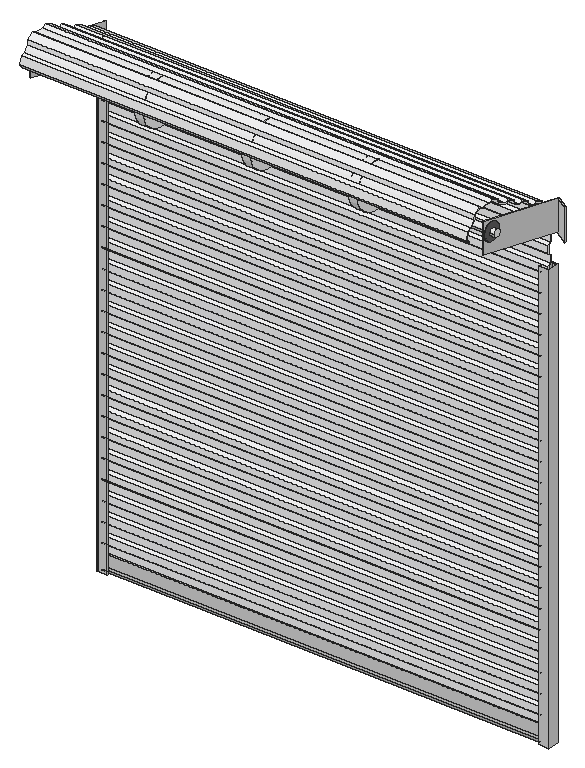
Revit family "Doors_Industrial_Wayne-Dalton_Roll-Up-Sheet-Mini-Storage-Doors-Model-DS-75_", category Specialty Equipment, host Wall, Revit 2019
Family settings
  Host = Wall
  Round Connector Dimension = Use Diameter
  Part Type = Normal
  OmniClass Number = 23.30.10.21.34
  OmniClass Title = Industrial Doors
  Always vertical = Yes
  Cut with Voids When Loaded = No
  Shared = No
  Room Calculation Point = No
Parameters (values of type "Manual push-up")
  True Opening Width [instance] = Clear Width  # 73"
  True Opening Height [instance] = Clear Height  # 73"
  Slat to Wall Offset = 1 35/64"  # constant formula
  Slat Height [instance] = if(Curtain Option Real = 1, 3 7/32" * 3, 3 41/256" * 3)  # 9 21/32"
  Shaft to Slat Distance [instance] = Backroom Depth - Slat to Wall Offset - BR Shaft Distance  # 13 9/256"
  Product Page URL = "https://www.wayne-dalton.com/roll-up-sheet-door-ds75"
  Slat Length [instance] = [Opening Width (Real)] + 1/4" * 2 + 1 77/256" * 2  # 76 13/128"
  Opening Width [instance] = 73"
  Opening Height [instance] = 73"
  Min Opening Width [instance] = 34"  # constant formula
  Min Opening Height [instance] = 73"  # constant formula
  Max Opening Width [instance] = 121"  # constant formula
  Max Opening Height [instance] = 120"  # constant formula
  Headroom Height [instance] = if([Opening Height (Real)] < 80 1/4", 16", if([Opening Height (Real)] < 96", 17", 18"))  # 16"
  Opening Width (Real) [instance] = if(Opening Width < Min Opening Width, Min Opening Width, if(Opening Width > Max Opening Width, Max Opening Width, Opening Width))  # 73"
  Opening Height (Real) [instance] = if(Opening Height < Min Opening Height, Min Opening Height, if(Opening Height > Max Opening Height, Max Opening Height, Opening Height))  # 73"
  URL = "https://www.wayne-dalton.com/"
  Product data url = "https://www.bimobject.com/wayne-dalton/product/roll-up-sheet-door-ds75"
  Product Guid = "8cb6006f-850d-402b-b535-a3554302deac"
  Model = "DS-75"  # constant formula
  Manufacturer = "Wayne Dalton"  # constant formula
  Wall Closure = By host
  Floor To (CL) of Shaft [instance] = [Opening Height (Real)] + Headroom Height - 4 107/256"  # 84 149/256"
  Finish Material = Metal - Wayne Dalton - Galvanized Steel
  Description = "Model DS-75 Light Commercial Mini Roll-Up Door (R-Value 4.0 with optional insulation)"  # constant formula
  Curtain Type [instance] = if(Curtain Option Real = 1, "Square Profile", "Round Profile")  # "Square Profile"
  Curtain Option Real [instance] = if(Curtain Option < 2, 1, 2)  # 1
  Curtain Option [instance] = 1
  Curtain Material [instance] = Steel - Wayne Dalton - White
  Connection Offset [instance] = [Floor To (CL) of Shaft] - Array Length - 1 13/128" + 1/256"  # 6 15/64"
  Clear Width [instance] = [Opening Width (Real)]  # 73"
  Clear Height [instance] = [Opening Height (Real)]  # 73"
  Backroom Depth [instance] = Headroom Height + 3"  # 19"
  BR Shaft Distance = 4 107/256"  # constant formula
  Array Length [instance] = (Array) * Slat Height  # 77 1/4"
  Array [instance] = rounddown(([Floor To (CL) of Shaft] - 1 13/128" - 2 51/256") / Slat Height)  # 8
  Ad Slat Height [instance] = if(Curtain Option Real = 1, 3 7/32", 3 41/256")  # 3 7/32"
  Ad Slat 2 [instance] = if(Connection Offset > Ad Slat Height * 2 + 2 51/256", 1 = 1, 1 = 2)  # no
  Ad Slat 1 [instance] = if(Connection Offset > Ad Slat Height + 2 51/256", 1 = 1, 1 = 2)  # yes
Reference planes (in)
  plane 1 "Center (Front/Back)": y = 0
  plane 2 "Center (Left/Right)": x = 0
  plane 3 "Left": x = -50
  plane 4 "Right": x = 50
  plane 5 "Exterior": y = 1.5
  plane 6 "Interior": y = -4.5
  plane 7: x = 36.5
  plane 8: x = -36.5
  plane 9: z = 73
  plane 10 "Top": z = 89
  plane 11 "Main": y = -5.75
  plane 12: y = -23.5
  plane 13 "Main Door Block": y = -4.5
  plane 14: z = 47.47
  plane 15 "Bottom Bar": z = 1.1046
  plane 16: x = 39
  plane 17: x = -39
  plane 18: y = -5.253
  plane 19: y = -6.048
  plane 20: z = 78.3546
  plane 21: z = 84.58203
  plane 22: z = 10.76085
  plane 23: z = 81.57335
  plane 24: y = -19.08203
Lines and regions (in)
  Opening 1
    outline origin (-90, -4.5, 0) x (1, 0, 0) y (0, 0, 1)
      loop
        line (53.5, 0) -> (126.5, 0) -> (126.5, 73) -> (53.5, 73) -> (53.5, 0)
Text (in)
  text "Exterior" at (-74.96733, 27.31104, 0), in view "Ref. Level"
  text "Interior" at (-74.96733, -25.14366, 0), in view "Ref. Level"
  text "Exterior" at (0, 40.15149, 123.01588), in view "Right"
  text "Interior" at (0, -64.39139, 123.01588), in view "Right"
  text "Interior" at (0, -31.01599, 123.00693), in view "Left"
  text "Exterior" at (0, 54.57065, 123.00693), in view "Left"
Dimensions and locks (in)
  equal spacing: plane 3 "Left", plane 2 "Center (Left/Right)", plane 4 "Right"
  level to host wall = 459.59655"
  "Opening Height (Real)": level to plane 9
  plane 8 to plane 2 "Center (Left/Right)" to plane 7 = 36 1/2", 36 1/2"
  "Headroom Height": plane 9 to plane 10 "Top"
  locked: plane 13 "Main Door Block" to plane 11 "Main" at 1.25
  locked: plane 1 "Center (Front/Back)" to plane 6 "Interior" at 4.5
  locked: plane 8 to plane 17 at 2.5
  locked: plane 16 to plane 7 at 2.5
  locked: plane 5 "Exterior" to plane 1 "Center (Front/Back)" at 1.5
  equal spacing: plane 7, plane 2 "Center (Left/Right)", plane 8
  locked: plane 18 to plane 11 "Main" at 0.497
  "Opening Width (Real)": plane 7 to plane 8
  "Backroom Depth": plane 12 to plane 6 "Interior"
  locked: plane 11 "Main" to plane 19 at 0.298
  plane 19 to plane 11 "Main" = 0.298"
  locked: plane 15 "Bottom Bar" to level at 1.1046
  "Array Length": plane 20 to plane 15 "Bottom Bar"
  nested 1 to nested 1 = 1/4"
  "Floor To (CL) of Shaft": plane 21 to level
  "Slat Height": plane 22 to plane 15 "Bottom Bar"
  equal spacing: group 1, group 2, group 3, group 4, group 5, group 6, group 7, group 8  (x3)
  "Ad Slat Height": plane 23 to plane 20
  plane 19 to plane 13 "Main Door Block" = 1.548"
  "BR Shaft Distance": plane 12 to plane 24
  plane 13 "Main Door Block" to nested 2 = 1.548"
  nested 2 to nested 2 = 0.13312"
  aligned and locked: Opening 1 sketch curve to level
  aligned and locked: plane 5 "Exterior" to host wall
  aligned and locked: host wall to plane 6 "Interior"
  aligned and locked: plane 8 to Opening 1 sketch curve
  aligned and locked: plane 7 to Opening 1 sketch curve
  aligned and locked: Opening 1 sketch curve to plane 9
  aligned and locked: nested 1 to plane 6 "Interior"
  aligned and locked: nested 1 to plane 2 "Center (Left/Right)"
  aligned and locked: level to nested 1
  aligned and locked: plane 13 "Main Door Block" to plane 6 "Interior"
  aligned and locked: plane 15 "Bottom Bar" to nested 2
  aligned and locked: plane 22 to nested 3
  aligned and locked: plane 19 to nested 2
  aligned and locked: plane 19 to nested 3
  aligned and locked: plane 2 "Center (Left/Right)" to nested 2
  aligned and locked: plane 2 "Center (Left/Right)" to nested 3
  aligned and locked: plane 20 to nested 10
  aligned and locked: plane 19 to nested 10
  aligned and locked: plane 2 "Center (Left/Right)" to nested 10
  aligned and locked: plane 23 to nested 11
  aligned and locked: plane 19 to nested 11
  aligned and locked: plane 2 "Center (Left/Right)" to nested 11
  aligned and locked: plane 21 to nested 12
  aligned and locked: plane 24 to nested 12
  aligned and locked: plane 2 "Center (Left/Right)" to nested 12
Nested families (in)
  nested 1: "Lifts" at (0, -4.5, 0) x (-1, 0, 0) z (0, 0, 1), type "Frame Unit"
  nested 2: "Slat" at (0, -6.048, 1.1046), type "Slat"
    with Sq Option yes, Slat Height 9.66", R Option no, Opening Width 76 13/128", Curtain Option 1
  nested 3: "Slat" at (0, -6.048, 10.76085), type "Slat"
    with Sq Option yes, Slat Height 9.66", R Option no, Opening Width 76 13/128", Curtain Option 1
  nested 4: "Slat" at (0, -6.048, 20.4171), type "Slat"
    with Sq Option yes, Slat Height 9.66", R Option no, Opening Width 76 13/128", Curtain Option 1
  nested 5: "Slat" at (0, -6.048, 30.07335), type "Slat"
    with Sq Option yes, Slat Height 9.66", R Option no, Opening Width 76 13/128", Curtain Option 1
  nested 6: "Slat" at (0, -6.048, 39.7296), type "Slat"
    with Sq Option yes, Slat Height 9.66", R Option no, Opening Width 76 13/128", Curtain Option 1
  nested 7: "Slat" at (0, -6.048, 49.38585), type "Slat"
    with Sq Option yes, Slat Height 9.66", R Option no, Opening Width 76 13/128", Curtain Option 1
  nested 8: "Slat" at (0, -6.048, 59.0421), type "Slat"
    with Sq Option yes, Slat Height 9.66", R Option no, Opening Width 76 13/128", Curtain Option 1
  nested 9: "Slat" at (0, -6.048, 68.69835), type "Slat"
    with Sq Option yes, Slat Height 9.66", R Option no, Opening Width 76 13/128", Curtain Option 1
  nested 10: "AdSlat" at (0, -6.048, 78.3546), visible <- "Ad Slat 1", type "AdSlat"
    with Sq Option yes, Slat Height 3.22", R Option no, Opening Width 76 13/128", Curtain Option 1
  nested 11: "AdSlat" at (0, -6.048, 81.57335), visible <- "Ad Slat 2", type "AdSlat"
    with Sq Option yes, Slat Height 3.22", R Option no, Opening Width 76 13/128", Curtain Option 1
  nested 12: "Top Slat" at (0, -19.08203, 84.58203), type "Top Slat"
    with Primar Offset 6 15/64", Opening Width 76 13/128"
Definition of nested family "Lifts"
  Parameters (values of type "Frame Unit")
    Steel Support Outter Radius = 4.418" - 5/8"  # 3.793"
    Shaft Radius = 0.563"  # constant formula
    Shaft Material = none
    Setback = 1/4"  # constant formula
    Right Shaft Offset = 3 1/4"
    Resin Stopper Radius = 1 1/2"  # constant formula
    Resin Elements Material = none
    Opening Width = 73"
    Left Shaft Offset = 3 1/4"
    J Offset = Header Width - 4.418"  # 14.582"
    Headroom Height = 16"
    Header Width = 19"
    Guide Width R Real = Guid Width + Setback  # 2 3/4"
    Guide Width L Real = Guid Width + Setback  # 2 3/4"
    Guide Second Part Position = 1 3/4"  # constant formula
    Guide Height = 2"  # constant formula
    Guid Width = 2 1/2"  # constant formula
    Opening Height = 73"
    Floor To (CL) of Shaft = 84 149/256"
    Finish Material = none
    Connection Brackets = 5 1/4"  # constant formula
    Bottom Bar Offset = 1.652"  # constant formula
    Analytic Construction = "<None>"
  Reference planes (in)
    plane 1 "Center (Front/Back)": y = 0
    plane 2: z = 0
    plane 3 "Center (Left/Right)": x = 0
    plane 4 "Left": x = -36.5
    plane 5 "Right": x = 36.5
    plane 6 "Opening Height": z = 73
    plane 7: x = -39.75
    plane 8: x = 39.75
    plane 9: z = 89
    plane 10: y = 19
    plane 11: x = -18.25
    plane 12: x = 18.25
    plane 13: z = 84.58203
    plane 14: y = 14.582
    plane 15: x = -38.05
    plane 16: x = 38.05
    plane 17: x = 39.25
    plane 18: x = -39.25
  Forms (in)
    Extrusion 1, solid, material <- "Finish Material"
      sketch origin (0, 0, 0) x (1, 0, 0) y (0, 1, 0)
        loop
          line (-38.5, 0) -> (-36.75, 0) -> (-36.75, 0.125) -> (-36.92185, 0.125)
          arc (-36.92185, 0.125) -> (-37.20608, 0.67946) -> (-37.49031, 0.125) r 0.35008
          line (-37.49031, 0.125) -> (-38.375, 0.125) -> (-38.375, 1.875) -> (-36.75, 1.875) -> (-36.75, 2) -> (-38.5, 2) -> (-38.5, 0)
        loop
          line (38.5, 0) -> (38.5, 2) -> (36.75, 2) -> (36.75, 1.875) -> (38.375, 1.875) -> (38.375, 0.125) -> (37.49031, 0.125)
          arc (37.49031, 0.125) -> (37.20608, 0.67923) -> (36.92185, 0.125) r 0.35
          line (36.92185, 0.125) -> (36.75, 0.125) -> (36.75, 0) -> (38.5, 0)
      from 73 to 0
    Extrusion 2, solid, material <- "Finish Material"
      sketch origin (0, 0, 0) x (0, 1, 0) y (0, 0, 1)
        loop
          line (1.652, 1) -> (1.652, 3) -> (1.5475, 3) -> (1.5475, 1.1046) -> (0.152, 1.1046) -> (0.152, 1) -> (1.652, 1)
      from -38.05 to 38.05
    Extrusion 3, solid, material <- "Finish Material"
      sketch origin (0, 0, 0) x (0, 1, 0) y (0, 0, 1)
        loop
          line (0.73437, 1) -> (0.73437, 0.5)
          arc (0.73437, 0.5) -> (1.23437, 0) -> (1.73437, 0.5) r 0.5
          line (1.73437, 0.5) -> (1.73437, 1) -> (0.73437, 1)
      from -38.05 to 38.05
    Extrusion 4, solid, material <- "Shaft Material"
      sketch origin (0, 0, 0) x (0, 1, 0) y (0, 0, 1)
        loop
          circle (14.582, 84.58203) r 0.563
      from -39.75 to 39.75
    Extrusion 5, solid, material <- "Finish Material"
      sketch origin (-39.25, 0, 76.60557) x (0, 0, 1) y (-1, 0, 0)
        loop
          line (1.29437, -77.75) -> (0.20776, -79) -> (5.63741, -79) -> (6.54437, -77.88) -> (6.54437, -77.75) -> (1.29437, -77.75)
        loop
          line (1.29437, -0.75) -> (6.54437, -0.75) -> (6.54437, -0.62) -> (5.63741, 0.5) -> (0.20776, 0.5) -> (1.29437, -0.75)
      from 0 to -0.13
    Extrusion 6, solid, material <- "Finish Material"
      sketch origin (-39.25, 0, 73) x (0, 0, 1) y (0, -1, 0)
        loop
          line (13.66098, -16.082) -> (10.14994, 0) -> (5.03217, 0) -> (8.5432, -16.082) -> (13.66098, -16.082)
      from 0.62 to 0.75
    Extrusion 7, solid, material <- "Finish Material"
      sketch origin (39.25, 0, 73) x (0, 0, 1) y (0, -1, 0)
        loop
          line (13.66098, -16.082) -> (10.14994, 0) -> (5.03217, 0) -> (8.5432, -16.082) -> (13.66098, -16.082)
      from -0.62 to -0.75
    Extrusion 8, solid, material <- "Resin Elements Material"
      sketch origin (-39.25, 0, 73) x (0, 0, 1) y (0, -1, 0)
        loop
          circle (11.58203, -14.582) r 1.5
      from 0.37 to 0.62
    Extrusion 9, solid, material <- "Resin Elements Material"
      sketch origin (39.25, 0, 73) x (0, 0, 1) y (0, -1, 0)
        loop
          circle (11.58203, -14.582) r 1.5
      from -0.37 to -0.62
    Extrusion 10, void
      sketch origin (0, 0, 0) x (1, 0, 0) y (0, 1, 0)
        loop
          line (36.5, -0.3125) -> (38.05, -0.3125) -> (38.05, 0.6875) -> (36.5, 0.6875) -> (36.5, -0.3125)
        loop
          line (-36.5, -0.3125) -> (-36.5, 0.6875) -> (-38.05, 0.6875) -> (-38.05, -0.3125) -> (-36.5, -0.3125)
      from 0 to 2.125
    Extrusion 11, solid, material <- "Shaft Material"
      sketch origin (18.25, -180, 76.25522) x (0, 0, 1) y (0, -1, 0)
        loop
          circle (8.32681, -194.582) r 3.793
        loop
          circle (8.32681, -194.582) r 0.563
      from -0.753 to 0.753
    Extrusion 12, solid, material <- "Shaft Material"
      sketch origin (0, 0, 0) x (0, 1, 0) y (0, 0, 1)
        loop
          circle (14.582, 84.58203) r 3.793
        loop
          circle (14.582, 84.58203) r 0.563
      from -0.753 to 0.753
    Extrusion 13, solid, material <- "Shaft Material"
      sketch origin (-18.25, -180, -24) x (0, 0, -1) y (0, -1, 0)
        loop
          circle (-108.58203, -194.582) r 3.793
        loop
          circle (-108.58203, -194.582) r 0.563
      from -0.753 to 0.753
  Cuts and joins
    joined: Extrusion 5, Extrusion 6, Extrusion 7
    Extrusion 10 cuts Extrusion 2
  Lines and regions (in)
    Masking region 1
      outline origin (0, 0, 0) x (1, 0, 0) y (0, 1, 0)
        loop
          line (-38.88, 16.082) -> (-38.88, 13.082) -> (-38.63, 13.082) -> (-38.63, 16.082) -> (-38.88, 16.082)
        loop
          line (38.88, 13.082) -> (38.88, 16.082) -> (38.63, 16.082) -> (38.63, 13.082) -> (38.88, 13.082)
    Masking region 2
      outline origin (0, 0, 0) x (1, 0, 0) y (0, 1, 0)
        loop
          line (-38.63, 16.082) -> (-38.63, 0.13) -> (-39.75, 0.13) -> (-39.75, 0) -> (-38.5, 0) -> (-38.5, 16.082) -> (-38.63, 16.082)
        loop
          line (38.63, 0.13) -> (38.63, 16.082) -> (38.5, 16.082) -> (38.5, 0) -> (39.75, 0) -> (39.75, 0.13) -> (38.63, 0.13)
    Masking region 3
      outline origin (0, 0, 0) x (1, 0, 0) y (0, 1, 0)
        loop
          arc (-36.92185, 0.125) -> (-37.20608, 0.67946) -> (-37.49031, 0.125) r 0.35008
          line (-37.49031, 0.125) -> (-38.375, 0.125) -> (-38.375, 1.875) -> (-36.75, 1.875) -> (-36.75, 2) -> (-38.5, 2) -> (-38.5, 0) -> (-36.75, 0) -> (-36.75, 0.125) -> (-36.92185, 0.125)
        loop
          arc (37.49031, 0.125) -> (37.20608, 0.67923) -> (36.92185, 0.125) r 0.35
          line (36.92185, 0.125) -> (36.75, 0.125) -> (36.75, 0) -> (38.5, 0) -> (38.5, 2) -> (36.75, 2) -> (36.75, 1.875) -> (38.375, 1.875) -> (38.375, 0.125) -> (37.49031, 0.125)
    Masking region 4
      outline origin (0, 0, 0) x (1, 0, 0) y (0, 1, 0)
        loop
          line (-39.75, 15.145) -> (-39.75, 14.019) -> (39.75, 14.019) -> (39.75, 15.145) -> (-39.75, 15.145)
    reference lines
      curve 1: line (39.25, 0, 73) -> (39.25, 0, 82.583)
      curve 2: line (-39.25, 0, 73) -> (-39.25, 0, 82.583)
  Dimensions and locks (in)
    equal spacing: plane 4 "Left", plane 3 "Center (Left/Right)", plane 5 "Right"
    "Opening Width": plane 4 "Left" to plane 5 "Right"
    "Opening Height": plane 6 "Opening Height" to level
    "Guide Height": Extrusion 1 sketch curve to Extrusion 1 sketch curve
    "Headroom Height": plane 9 to plane 6 "Opening Height"
    plane 10 to plane 1 "Center (Front/Back)" = 19"
    "Header Width": plane 10 to plane 1 "Center (Front/Back)"
    locked: Extrusion 1 sketch curve to Extrusion 1 sketch curve at 0.125  (x3)
    locked: Extrusion 3 sketch curve to level at 1
    locked: Extrusion 10 sketch curve to plane 1 "Center (Front/Back)" at 0.3125  (x2)
    locked: plane 1 "Center (Front/Back)" to Extrusion 10 sketch curve at 0.6875
    equal spacing: plane 4 "Left", plane 11, plane 3 "Center (Left/Right)"
    equal spacing: plane 5 "Right", plane 12, plane 3 "Center (Left/Right)"
    "Floor To (CL) of Shaft": plane 13 to plane 2
    "J Offset": plane 14 to plane 1 "Center (Front/Back)"
    locked: curve 1 to curve 1 at 9.583
    locked: curve 2 to curve 2 at 9.583
    "Setback": Extrusion 1 sketch curve to plane 4 "Left"
    "Setback": plane 5 "Right" to Extrusion 1 sketch curve
    locked: plane 15 to plane 4 "Left" at 1.55
    locked: plane 5 "Right" to plane 16 at 1.55
    "Guide Width R Real": plane 5 "Right" to plane 17
    "Guide Width L Real": plane 18 to plane 4 "Left"
    "Left Shaft Offset": plane 7 to plane 4 "Left"
    "Right Shaft Offset": plane 5 "Right" to plane 8
    equal spacing: Masking region 1 sketch curve, plane 14, Masking region 1 sketch curve
    "Resin Stopper Radius": plane 14 to Masking region 1 sketch curve
    locked: plane 1 "Center (Front/Back)" to Extrusion 3 sketch curve at 0.73437
    locked: Extrusion 3 sketch curve to Extrusion 3 sketch curve at 1
    locked: plane 14 to Extrusion 7 sketch curve at 1.5
    locked: plane 14 to Extrusion 6 sketch curve at 1.5
    locked: Extrusion 5 sketch curve to curve 1 at 0.75
    locked: Extrusion 5 sketch curve to curve 2 at 0.75
    locked: plane 13 to Extrusion 7 sketch curve at 1.43209
    locked: plane 13 to Extrusion 6 sketch curve at 1.43209
    locked: Extrusion 6 sketch curve to Extrusion 6 sketch curve at 5
    locked: Extrusion 5 sketch curve to Extrusion 5 sketch curve at 1.25  (x2)
    locked: Extrusion 5 sketch curve to Extrusion 5 sketch curve at 0.13  (x2)
    locked: Extrusion 7 sketch curve to plane 13 at 2.07895
    locked: Extrusion 7 sketch curve to Extrusion 7 sketch curve at 5
    locked: Extrusion 6 sketch curve to plane 13 at 2.07895
    locked: plane 13 to Extrusion 5 sketch curve at 1.43209  (x2)
    "Connection Brackets": Extrusion 5 sketch curve to Extrusion 5 sketch curve  (x2)
    "Guide Second Part Position": Extrusion 1 sketch curve to Extrusion 1 sketch curve  (x2)
    locked: Extrusion 2 sketch curve to Extrusion 2 sketch curve at 1.5
    locked: Extrusion 2 sketch curve to level at 1
    Extrusion 2 sketch curve to Extrusion 2 sketch curve = 2"
    locked: Extrusion 2 sketch curve to Extrusion 2 sketch curve at 0.1046
    locked: Extrusion 2 sketch curve to Extrusion 2 sketch curve at 0.1045
    "Bottom Bar Offset": plane 1 "Center (Front/Back)" to Extrusion 2 sketch curve
    locked: Extrusion 3 sketch curve to level at 0.5
    plane 9 to plane 13 = 4 107/256"
    locked: Extrusion 1 sketch curve to Extrusion 1 sketch curve at 0.45608  (x2)
    locked: Extrusion 1 sketch curve to Extrusion 1 sketch curve at 0.20438
    locked: Extrusion 1 sketch curve to Extrusion 1 sketch curve at 0.20423
    equal spacing: Masking region 4 sketch curve, plane 14, Masking region 4 sketch curve
    "Shaft Radius": Masking region 4 sketch curve to plane 14
    "Shaft Radius": radius of Extrusion 4 sketch curve
    "Resin Stopper Radius": radius of Extrusion 8 sketch curve
    "Resin Stopper Radius": radius of Extrusion 9 sketch curve
    "Shaft Radius": radius of Extrusion 11 sketch curve
    "Steel Support Outter Radius": radius of Extrusion 11 sketch curve
    "Shaft Radius": radius of Extrusion 12 sketch curve
    "Steel Support Outter Radius": radius of Extrusion 12 sketch curve
    "Shaft Radius": radius of Extrusion 13 sketch curve
    "Steel Support Outter Radius": radius of Extrusion 13 sketch curve
    radius of Extrusion 1 sketch curve = 0.35008"
    radius of Extrusion 1 sketch curve = 0.35"
    locked: Extrusion 5 sketch curve to Extrusion 5 sketch curve (angle 129.00°)  (x2)
    locked: Extrusion 5 sketch curve to Extrusion 5 sketch curve (angle 131.00°)  (x2)
    aligned and locked: plane 2 to level
    aligned and locked: plane 1 "Center (Front/Back)" to Extrusion 1 sketch curve
    aligned and locked: Extrusion 1 sketch curve to plane 1 "Center (Front/Back)"
    aligned and locked: Extrusion 1 sketch curve to Extrusion 1 sketch curve  (x7)
    aligned and locked: plane 7 to Extrusion 4
    aligned and locked: Extrusion 4 to plane 8
    aligned and locked: plane 6 "Opening Height" to Extrusion 1
    aligned and locked: Extrusion 10 sketch curve to plane 5 "Right"
    aligned and locked: Extrusion 10 sketch curve to plane 4 "Left"
    aligned and locked: Extrusion 10 sketch curve to Extrusion 10 sketch curve
    aligned and locked: plane 13 to Extrusion 4 sketch curve
    aligned and locked: plane 14 to Extrusion 4 sketch curve
    aligned and locked: plane 14 to Extrusion 8 sketch curve
    aligned and locked: plane 13 to Extrusion 8 sketch curve
    aligned and locked: plane 14 to Extrusion 9 sketch curve
    aligned and locked: plane 13 to Extrusion 9 sketch curve
    aligned and locked: plane 6 "Opening Height" to curve 1
    aligned and locked: plane 6 "Opening Height" to curve 2
    aligned and locked: Extrusion 10 sketch curve to plane 15
    aligned and locked: plane 15 to Extrusion 3
    aligned and locked: plane 15 to cut or joined group of Extrusion 2, Extrusion 10
    aligned and locked: Extrusion 3 to plane 16
    aligned and locked: cut or joined group of Extrusion 2, Extrusion 10 to plane 16
    aligned and locked: Extrusion 10 sketch curve to plane 16
    aligned and locked: curve 1 to plane 17
    aligned and locked: curve 2 to plane 18
    aligned and locked: Masking region 1 sketch curve to Extrusion 8  (x2)
    aligned and locked: Masking region 1 sketch curve to Extrusion 9  (x2)
    aligned and locked: Masking region 1 sketch curve to Masking region 1 sketch curve  (x2)
    aligned and locked: cut or joined group of Extrusion 5, Extrusion 6, Extrusion 7 to Masking region 2 sketch curve  (x5)
    aligned and locked: Masking region 2 sketch curve to cut or joined group of Extrusion 5, Extrusion 6, Extrusion 7  (x7)
    aligned and locked: plane 1 "Center (Front/Back)" to Extrusion 7 sketch curve
    aligned and locked: plane 1 "Center (Front/Back)" to Extrusion 6 sketch curve
    aligned and locked: plane 14 to Extrusion 12 sketch curve  (x2)
    aligned and locked: plane 13 to Extrusion 12 sketch curve  (x2)
    aligned and locked: plane 13 to Extrusion 11 sketch curve  (x2)
    aligned and locked: plane 14 to Extrusion 11 sketch curve  (x2)
    aligned and locked: plane 14 to Extrusion 13 sketch curve  (x2)
    aligned and locked: plane 13 to Extrusion 13 sketch curve  (x2)
    aligned and locked: Masking region 3 sketch curve to Extrusion 1  (x20)
    aligned and locked: plane 7 to Masking region 4 sketch curve
    aligned and locked: plane 8 to Masking region 4 sketch curve
  Automatic sketch dimensions
    Extrusion 1 sketch curve to plane 1 "Center (Front/Back)" = 1/8"
Definition of nested family "Slat"
  Parameters (values of type "Slat")
    Sq Option = if(Curtain Option = 1, 1 = 1, 1 = 2)  # no
    Slat Height = if(Curtain Option = 1, 3.22" * 3, 3.16" * 3)  # 9.48"
    R Option = not(Sq Option)  # yes
    Panel Material = none
    Opening Width = 75 13/128"
    Default Elevation = 48"
    Curtain Option = 2
  Reference planes (in)
    plane 1 "Center (Front/Back)": y = 0
    plane 2: z = 0
    plane 3 "Center (Left/Right)": x = 0
    plane 4: z = 9.48
    plane 5: x = -37.55078
    plane 6: x = 37.55078
  Forms (in)
    Extrusion 1, solid, material <- "Panel Material", visible <- "Sq Option"
      sketch origin (0, 0, 0) x (0, 0, 1) y (0, -1, 0)
        loop
          line (1.5362, -0.5962) -> (2.83682, -0.5962) -> (3.24093, -0.04) -> (4.3521, -0.04) -> (4.7562, -0.5962) -> (6.05682, -0.5962) -> (6.46093, -0.04) -> (7.5721, -0.04) -> (7.9762, -0.5962) -> (9.27682, -0.5962) -> (9.68093, -0.04) -> (9.66, 0) -> (9.2559, -0.5562) -> (7.99658, -0.5562) -> (7.59248, 0) -> (6.44, 0) -> (6.0359, -0.5562) -> (4.77658, -0.5562) -> (4.37248, 0) -> (3.22, 0) -> (2.8159, -0.5562) -> (1.55658, -0.5562) -> (1.15248, 0) -> (0, 0) -> (0, -0.04) -> (1.1321, -0.04) -> (1.5362, -0.5962)
      from -37.55078 to 37.55078
    Extrusion 2, solid, material <- "Panel Material", visible <- "R Option"
      sketch origin (0, 0, 0) x (0, 0, 1) y (0, -1, 0)
        loop
          arc (0.99662, -0.13102) -> (0.81086, 0) -> (0.62661, -0.13312) r 0.19562
          line (0.62661, -0.13312) -> (0, -0.13312) -> (0, -0.18138) -> (0.6653, -0.18138)
          arc (0.6653, -0.18138) -> (0.79435, -0.04931) -> (0.95107, -0.14695) r 0.14737
          arc (0.95107, -0.14695) -> (1.5846, -0.59649) -> (2.21812, -0.14695) r 0.67117
          arc (2.21812, -0.14695) -> (2.37484, -0.04931) -> (2.50389, -0.18138) r 0.14737
          line (2.50389, -0.18138) -> (3.8253, -0.18138)
          arc (3.8253, -0.18138) -> (3.95435, -0.04931) -> (4.11107, -0.14695) r 0.14737
          arc (4.11107, -0.14695) -> (4.7446, -0.59649) -> (5.37812, -0.14695) r 0.67117
          arc (5.37812, -0.14695) -> (5.53484, -0.04931) -> (5.66389, -0.18138) r 0.14737
          line (5.66389, -0.18138) -> (6.9853, -0.18138)
          arc (6.9853, -0.18138) -> (7.11435, -0.04931) -> (7.27107, -0.14695) r 0.14737
          arc (7.27107, -0.14695) -> (7.9046, -0.59649) -> (8.53812, -0.14695) r 0.67117
          arc (8.53812, -0.14695) -> (8.69484, -0.04931) -> (8.82389, -0.18138) r 0.14737
          line (8.82389, -0.18138) -> (9.48, -0.18138) -> (9.48, -0.13312) -> (8.86258, -0.13312)
          arc (8.86258, -0.13312) -> (8.67833, 0) -> (8.49257, -0.13102) r 0.19562
          arc (8.49257, -0.13102) -> (7.9046, -0.54824) -> (7.31662, -0.13102) r 0.62292
          arc (7.31662, -0.13102) -> (7.13086, 0) -> (6.94661, -0.13312) r 0.19562
          line (6.94661, -0.13312) -> (5.70258, -0.13312)
          arc (5.70258, -0.13312) -> (5.51833, 0) -> (5.33257, -0.13102) r 0.19562
          arc (5.33257, -0.13102) -> (4.7446, -0.54824) -> (4.15662, -0.13102) r 0.62292
          arc (4.15662, -0.13102) -> (3.97086, 0) -> (3.78661, -0.13312) r 0.19562
          line (3.78661, -0.13312) -> (2.54258, -0.13312)
          arc (2.54258, -0.13312) -> (2.35833, 0) -> (2.17257, -0.13102) r 0.19562
          arc (2.17257, -0.13102) -> (1.5846, -0.54824) -> (0.99662, -0.13102) r 0.62292
      from -37.55078 to 37.55078
  Lines and regions (in)
    reference lines
      curve 1: line (0, 0, 0) -> (0, 0, 9)
  Dimensions and locks (in)
    "Slat Height": plane 4 to plane 2
    equal spacing: plane 5, plane 3 "Center (Left/Right)", plane 6
    "Opening Width": plane 5 to plane 6
    locked: curve 1 to curve 1 at 9
    aligned and locked: plane 2 to level
    aligned and locked: plane 5 to Extrusion 1
    aligned and locked: plane 6 to Extrusion 1
    aligned and locked: level to curve 1
    aligned and locked: curve 1 to plane 1 "Center (Front/Back)"
    aligned and locked: plane 6 to Extrusion 2
    aligned and locked: plane 5 to Extrusion 2
  Automatic sketch dimensions
    curve 1 to Extrusion 1 sketch curve = 0"  (x2)
    Extrusion 1 sketch curve to curve 1 = 0"  (x2)
    Extrusion 1 sketch curve to curve 1 = 0.04"
    Extrusion 1 sketch curve to Extrusion 1 sketch curve = 1.1321"  (x2)
    Extrusion 1 sketch curve to Extrusion 1 sketch curve = 0.02038"  (x6)
    Extrusion 1 sketch curve to Extrusion 1 sketch curve = 0.4041"  (x6)
    curve 1 to Extrusion 1 sketch curve = 0.5562"  (x2)
    Extrusion 1 sketch curve to Extrusion 1 sketch curve = 1.25932"  (x3)
    curve 1 to Extrusion 1 sketch curve = 0.5962"  (x2)
    Extrusion 1 sketch curve to Extrusion 1 sketch curve = 0.02093"  (x6)
    curve 1 to Extrusion 1 sketch curve = 0.04"
    Extrusion 1 sketch curve to Extrusion 1 sketch curve = 1.11117"
    Extrusion 1 sketch curve to Extrusion 1 sketch curve = 0"
    Extrusion 1 sketch curve to Extrusion 1 sketch curve = 0.04"  (x3)
    Extrusion 1 sketch curve to Extrusion 1 sketch curve = 0.5162"
    Extrusion 2 sketch curve to Extrusion 2 sketch curve = 0"  (x24)
    curve 1 to Extrusion 2 sketch curve = 0"
    Extrusion 2 sketch curve to curve 1 = 0.18138"
    Extrusion 2 sketch curve to curve 1 = 0.13312"
    Extrusion 2 sketch curve to Extrusion 2 sketch curve = 0.62661"
    Extrusion 2 sketch curve to Extrusion 2 sketch curve = 0.03869"  (x6)
    Extrusion 2 sketch curve to Extrusion 2 sketch curve = 0.14668"  (x6)
    Extrusion 2 sketch curve to curve 1 = 0.07468"  (x3)
    Extrusion 2 sketch curve to Extrusion 2 sketch curve = 0.77262"  (x5)
    curve 1 to Extrusion 2 sketch curve = 0.19561"  (x5)
    curve 1 to Extrusion 2 sketch curve = 0.13312"  (x2)
    Extrusion 2 sketch curve to Extrusion 2 sketch curve = 1.24402"  (x2)
    Extrusion 2 sketch curve to curve 1 = 0.32278"
    Extrusion 2 sketch curve to Extrusion 2 sketch curve = 0.01424"  (x2)
    Extrusion 2 sketch curve to Extrusion 2 sketch curve = 0.04825"  (x3)
    curve 1 to Extrusion 2 sketch curve = 0.48"
Definition of nested family "AdSlat"
  Parameters (values of type "AdSlat")
    Sq Option = if(Curtain Option = 1, 1 = 1, 1 = 2)  # no
    Slat Height = if(Curtain Option = 1, 3.22", 3.16")  # 3.16"
    R Option = not(Sq Option)  # yes
    Panel Material = none
    Opening Width = 75 13/128"
    Default Elevation = 48"
    Curtain Option = 2
  Reference planes (in)
    plane 1 "Center (Front/Back)": y = 0
    plane 2: z = 0
    plane 3 "Center (Left/Right)": x = 0
    plane 4: z = 3.16
    plane 5: x = -37.55078
    plane 6: x = 37.55078
  Forms (in)
    Extrusion 1, solid, material <- "Panel Material", visible <- "Sq Option"
      sketch origin (0, 0, 0) x (0, 0, 1) y (0, -1, 0)
        loop
          line (1.5362, -0.5962) -> (2.83682, -0.5962) -> (3.22, -0.0688) -> (3.22, 0) -> (2.8159, -0.5562) -> (1.55658, -0.5562) -> (1.15248, 0) -> (0, 0) -> (0, -0.04) -> (1.1321, -0.04) -> (1.5362, -0.5962)
      from -37.55078 to 37.55078
    Extrusion 2, solid, material <- "Panel Material", visible <- "R Option"
      sketch origin (0, 0, 0) x (0, 0, 1) y (0, -1, 0)
        loop
          arc (0.99662, -0.13102) -> (0.81086, 0) -> (0.62661, -0.13312) r 0.19562
          line (0.62661, -0.13312) -> (0, -0.13312) -> (0, -0.18138) -> (0.6653, -0.18138)
          arc (0.6653, -0.18138) -> (0.79435, -0.04931) -> (0.95107, -0.14695) r 0.14737
          arc (0.95107, -0.14695) -> (1.5846, -0.59649) -> (2.21812, -0.14695) r 0.67117
          arc (2.21812, -0.14695) -> (2.37484, -0.04931) -> (2.50389, -0.18138) r 0.14737
          line (2.50389, -0.18138) -> (3.16, -0.18138) -> (3.16, -0.13312) -> (2.54258, -0.13312)
          arc (2.54258, -0.13312) -> (2.35833, 0) -> (2.17257, -0.13102) r 0.19562
          arc (2.17257, -0.13102) -> (1.5846, -0.54824) -> (0.99662, -0.13102) r 0.62292
      from -37.55078 to 37.55078
  Lines and regions (in)
    reference lines
      curve 1: line (0, 0, 0) -> (0, 0, 9)
  Dimensions and locks (in)
    "Slat Height": plane 4 to plane 2
    equal spacing: plane 5, plane 3 "Center (Left/Right)", plane 6
    "Opening Width": plane 5 to plane 6
    locked: curve 1 to curve 1 at 9
    aligned and locked: plane 2 to level
    aligned and locked: plane 5 to Extrusion 1
    aligned and locked: plane 6 to Extrusion 1
    aligned and locked: level to curve 1
    aligned and locked: curve 1 to plane 1 "Center (Front/Back)"
    aligned and locked: plane 6 to Extrusion 2
    aligned and locked: plane 5 to Extrusion 2
  Automatic sketch dimensions
    Extrusion 2 sketch curve to Extrusion 2 sketch curve = 0"  (x8)
    curve 1 to Extrusion 2 sketch curve = 0"
    Extrusion 2 sketch curve to curve 1 = 0.18138"
    Extrusion 2 sketch curve to curve 1 = 0.13312"
    Extrusion 2 sketch curve to Extrusion 2 sketch curve = 0.62661"
    Extrusion 2 sketch curve to Extrusion 2 sketch curve = 0.03869"  (x2)
    Extrusion 2 sketch curve to Extrusion 2 sketch curve = 0.14668"  (x2)
    Extrusion 2 sketch curve to curve 1 = 0.07468"
    Extrusion 2 sketch curve to Extrusion 2 sketch curve = 0.77262"  (x2)
    curve 1 to Extrusion 2 sketch curve = 0.19561"
    curve 1 to Extrusion 2 sketch curve = 0.13312"
    Extrusion 2 sketch curve to Extrusion 2 sketch curve = 0.61742"
    Extrusion 2 sketch curve to Extrusion 2 sketch curve = 0.01424"
    Extrusion 2 sketch curve to Extrusion 2 sketch curve = 0.04825"
    curve 1 to Extrusion 1 sketch curve = 0"
    Extrusion 1 sketch curve to curve 1 = 0"  (x2)
    Extrusion 1 sketch curve to curve 1 = 0.04"
    Extrusion 1 sketch curve to Extrusion 1 sketch curve = 1.1321"
    Extrusion 1 sketch curve to Extrusion 1 sketch curve = 0.02038"  (x2)
    Extrusion 1 sketch curve to Extrusion 1 sketch curve = 0.4041"  (x2)
    curve 1 to Extrusion 1 sketch curve = 0.5562"
    Extrusion 1 sketch curve to Extrusion 1 sketch curve = 1.25932"
    Extrusion 1 sketch curve to Extrusion 1 sketch curve = 0.02093"
    curve 1 to Extrusion 1 sketch curve = 0.0688"
    Extrusion 1 sketch curve to Extrusion 1 sketch curve = 0.04"
Definition of nested family "Top Slat"
  Parameters (values of type "Top Slat")
    Sq 3 = if(H3, if(Curtain Option = 1, 1 = 1, 1 = 2), 1 = 2)  # no
    Sq 2 = if(H2, if(Curtain Option = 1, 1 = 1, 1 = 2), 1 = 2)  # no
    Sq 1 = if(H1, if(Curtain Option = 1, 1 = 1, 1 = 2), 1 = 2)  # yes
    Slat Height = 3 7/32"
    Shaft to Slat Position 2 = Shaft to Slat Position + 0.133"  # 11.166"
    Shaft to Slat Position = 11.033"
    R 3 = if(H3, not(Sq 3), 1 = 2)  # no
    R 2 = if(H2, not(Sq 2), 1 = 2)  # no
    R 1 = if(H1, not(Sq 1), 1 = 2)  # no
    Primar Offset = 6 59/256"
    Panel Material = none
    Opening Width = 80"
    Offset 2 = if(Primar Offset > Slat Height * 2 + 2.175", Slat Height, 0")  # 0"
    Offset 1 = if(Primar Offset > Slat Height + 2.175", Slat Height, 0")  # 3 7/32"
    Headroom Width = 19"
    Headroom Height = 16"
    H3 = if(Headroom Height = 18", 1 = 1, 1 = 2)  # no
    H2 = if(Headroom Height = 17", 1 = 1, 1 = 2)  # no
    H1 = if(Headroom Height = 16", 1 = 1, 1 = 2)  # yes
    Default Elevation = 48"
    Curtain Option = 1
  Reference planes (in)
    plane 1 "Center (Front/Back)": y = 0
    plane 2: z = 0
    plane 3 "Center (Left/Right)": x = 0
    plane 4: x = -40
    plane 5: x = 40
    plane 6: y = -4.39453
    plane 7: y = 14.60547
    plane 8: y = 13.60547
  Forms (in)
    Extrusion 1, solid, material <- "Panel Material", visible <- "Sq 1"
      sketch origin (0, 0, 0) x (0, 0, 1) y (0, -1, 0)
        loop
          line (-1.57609, -11.86046) -> (-2.14106, -13.03403) -> (-3.01172, -13.03403) -> (-3.01172, -13.07403) -> (-2.11592, -13.07403) -> (-1.54889, -11.89617) -> (-0.87595, -11.77396) -> (-0.31202, -10.60255) -> (-0.63789, -9.99719) -> (-0.09751, -8.8747) -> (0.57892, -8.75185) -> (1.14285, -7.58044) -> (0.81698, -6.97507) -> (1.35736, -5.85258) -> (2.0338, -5.72974) -> (2.59772, -4.55833) -> (2.25899, -3.92906) -> (2.91101, -2.49984) -> (3.60429, -2.35908) -> (4.14389, -1.17627) -> (3.79263, -0.55484)
          arc (3.79263, -0.55484) -> (3.82956, 0.1624) -> (3.73204, 0.87393) r 3.833
          line (3.73204, 0.87393) -> (4.02941, 1.52314) -> (3.3914, 2.65591) -> (2.68232, 2.73808)
          arc (2.68232, 2.73808) -> (2.25069, 3.10262) -> (1.77017, 3.39976) r 3.833
          line (1.77017, 3.39976) -> (1.47172, 4.04848) -> (0.19682, 4.3031) -> (-0.32769, 3.81901) -> (-0.3107, 3.78025) -> (0.20897, 4.25989) -> (1.4439, 4.01325) -> (1.73957, 3.37057)
          arc (1.73957, 3.37057) -> (2.22721, 3.07024) -> (2.66407, 2.69992) r 3.793
          line (2.66407, 2.69992) -> (3.36655, 2.61852) -> (3.98456, 1.52127) -> (3.68996, 0.8781)
          arc (3.68996, 0.8781) -> (3.78959, 0.1607) -> (3.75105, -0.56257) r 3.793
          line (3.75105, -0.56257) -> (4.09904, -1.17821) -> (3.57636, -2.32393) -> (2.88307, -2.4647) -> (2.21436, -3.93053) -> (2.55284, -4.55934) -> (2.0066, -5.69402) -> (1.33016, -5.81687) -> (0.7721, -6.97609) -> (1.09797, -7.58145) -> (0.55172, -8.71613) -> (-0.12471, -8.83898) -> (-0.68277, -9.9982) -> (-0.3569, -10.60357) -> (-0.90315, -11.73825) -> (-1.57609, -11.86046)
      from -40 to 40
    Extrusion 2, solid, material <- "Panel Material", visible <- "R 1"
      sketch origin (0, 0, 0) x (0, 0, 1) y (0, -1, 0)
        loop
          arc (-1.61377, -12.11954) -> (-1.81451, -12.22619) -> (-1.77885, -12.45069) r 0.19562
          line (-1.77885, -12.45069) -> (-2.14106, -13.16703) -> (-3.01172, -13.16703) -> (-3.01172, -13.21503) -> (-2.11126, -13.21503) -> (-1.71833, -12.43794)
          arc (-1.71833, -12.43794) -> (-1.77796, -12.26318) -> (-1.6201, -12.16738) r 0.14737
          arc (-1.6201, -12.16738) -> (-0.93307, -11.80486) -> (-1.04838, -11.03665) r 0.67117
          arc (-1.04838, -11.03665) -> (-1.0648, -10.85273) -> (-0.88871, -10.79716) r 0.14737
          line (-0.88871, -10.79716) -> (-0.29245, -9.61793)
          arc (-0.29245, -9.61793) -> (-0.35208, -9.44317) -> (-0.19422, -9.34736) r 0.14737
          arc (-0.19422, -9.34736) -> (0.49281, -8.98485) -> (0.3775, -8.21664) r 0.67117
          arc (0.3775, -8.21664) -> (0.36108, -8.03272) -> (0.53717, -7.97715) r 0.14737
          line (0.53717, -7.97715) -> (1.14587, -6.77331)
          arc (1.14587, -6.77331) -> (1.08624, -6.59855) -> (1.2441, -6.50275) r 0.14737
          arc (1.2441, -6.50275) -> (1.93113, -6.14023) -> (1.81583, -5.37203) r 0.67117
          arc (1.81583, -5.37203) -> (1.80655, -5.17829) -> (1.99731, -5.14317) r 0.14737
          line (1.99731, -5.14317) -> (2.61226, -3.92698)
          arc (2.61226, -3.92698) -> (2.55263, -3.75222) -> (2.71049, -3.65642) r 0.14737
          arc (2.71049, -3.65642) -> (3.39752, -3.2939) -> (3.28221, -2.5257) r 0.67117
          arc (3.28221, -2.5257) -> (3.27294, -2.33196) -> (3.4637, -2.29684) r 0.14737
          arc (3.4637, -2.29684) -> (3.86623, -1.50268) -> (4.04898, -0.63129) r 3.4029
          arc (4.04898, -0.63129) -> (3.89133, -0.52188) -> (3.97541, -0.34938) r 0.1474
          arc (3.97541, -0.34938) -> (4.37827, 0.31479) -> (3.88443, 0.9144) r 0.67119
          arc (3.88443, 0.9144) -> (3.77599, 1.06694) -> (3.90467, 1.20283) r 0.14735
          arc (3.90467, 1.20283) -> (3.60011, 2.00688) -> (3.08652, 2.69643) r 3.10172
          arc (3.08652, 2.69643) -> (2.90131, 2.64518) -> (2.82289, 2.82061) r 0.14737
          arc (2.82289, 2.82061) -> (2.57316, 3.55619) -> (1.79638, 3.56337) r 0.67117
          arc (1.79638, 3.56337) -> (1.60984, 3.57834) -> (1.5884, 3.76425) r 0.14737
          arc (1.5884, 3.76425) -> (0.77624, 4.04792) -> (-0.0826, 4.09761) r 3.10172
          line (-0.0826, 4.09761) -> (-0.03782, 4.05282)
          arc (-0.03782, 4.05282) -> (0.7644, 4.00134) -> (1.52539, 3.7423) r 3.05372
          arc (1.52539, 3.7423) -> (1.59667, 3.52648) -> (1.82394, 3.52376) r 0.19562
          arc (1.82394, 3.52376) -> (2.54487, 3.51709) -> (2.77665, 2.8344) r 0.62292
          arc (2.77665, 2.8344) -> (2.85538, 2.61588) -> (3.0874, 2.62662) r 0.19562
          arc (3.0874, 2.62662) -> (3.55903, 1.98195) -> (3.84733, 1.23702) r 3.05372
          arc (3.84733, 1.23702) -> (3.72776, 1.04369) -> (3.87176, 0.86781) r 0.19562
          arc (3.87176, 0.86781) -> (4.33006, 0.31126) -> (3.95608, -0.30512) r 0.62292
          arc (3.95608, -0.30512) -> (3.8393, -0.50608) -> (3.99703, -0.6768) r 0.19562
          arc (3.99703, -0.6768) -> (3.81937, -1.49122) -> (3.44641, -2.2367) r 3.3549
          arc (3.44641, -2.2367) -> (3.22193, -2.3208) -> (3.24744, -2.55915) r 0.19562
          arc (3.24744, -2.55915) -> (3.35446, -3.27213) -> (2.71682, -3.60858) r 0.62292
          arc (2.71682, -3.60858) -> (2.51608, -3.71524) -> (2.55174, -3.93973) r 0.19562
          line (2.55174, -3.93973) -> (1.97448, -5.0814)
          arc (1.97448, -5.0814) -> (1.75404, -5.1696) -> (1.78106, -5.40548) r 0.19562
          arc (1.78106, -5.40548) -> (1.88807, -6.11846) -> (1.25043, -6.45491) r 0.62292
          arc (1.25043, -6.45491) -> (1.04969, -6.56157) -> (1.08535, -6.78607) r 0.19562
          line (1.08535, -6.78607) -> (0.51157, -7.92085)
          arc (0.51157, -7.92085) -> (0.30963, -8.02521) -> (0.34273, -8.2501) r 0.19562
          arc (0.34273, -8.2501) -> (0.44975, -8.96308) -> (-0.18789, -9.29953) r 0.62292
          arc (-0.18789, -9.29953) -> (-0.38863, -9.40618) -> (-0.35297, -9.63068) r 0.19562
          line (-0.35297, -9.63068) -> (-0.91431, -10.74086)
          arc (-0.91431, -10.74086) -> (-1.11625, -10.84522) -> (-1.08315, -11.07011) r 0.19562
          arc (-1.08315, -11.07011) -> (-0.97613, -11.78309) -> (-1.61377, -12.11954) r 0.62292
      from -40 to 40
    Extrusion 3, solid, material <- "Panel Material", visible <- "Sq 2"
      sketch origin (0, 9, 0) x (0, 0, 1) y (0, -1, 0)
        loop
          line (-2.11455, -5.07359) -> (-1.73351, -4.22768) -> (-1.10837, -4.09762) -> (-0.57423, -2.91173) -> (-0.91541, -2.31486) -> (-0.40402, -1.17947) -> (0.26907, -1.03943) -> (0.8032, 0.14645) -> (0.46202, 0.74332) -> (0.97341, 1.87872) -> (1.6465, 2.01875) -> (2.18063, 3.20464) -> (1.82624, 3.82463) -> (2.33763, 4.96002) -> (3.01072, 5.10005) -> (3.54485, 6.28594) -> (3.19975, 6.88967)
          arc (3.19975, 6.88967) -> (3.53251, 7.51229) -> (3.74543, 8.18537) r 3.833
          line (3.74543, 8.18537) -> (4.29293, 8.6438) -> (4.20357, 9.94135) -> (3.5984, 10.32039)
          arc (3.5984, 10.32039) -> (3.2891, 10.96817) -> (2.86445, 11.54692) r 3.833
          line (2.86445, 11.54692) -> (2.81648, 12.25938) -> (1.71527, 12.95145) -> (1.0525, 12.68567)
          arc (1.0525, 12.68567) -> (0.49965, 12.80029) -> (-0.06405, 12.83246) r 3.833
          line (-0.06405, 12.83246) -> (-0.10496, 12.79155)
          arc (-0.10496, 12.79155) -> (0.48094, 12.76239) -> (1.05533, 12.64323) r 3.793
          line (1.05533, 12.64323) -> (1.7117, 12.90645) -> (2.77794, 12.23636) -> (2.82547, 11.53053)
          arc (2.82547, 11.53053) -> (3.25496, 10.94732) -> (3.56577, 10.29311) r 3.793
          line (3.56577, 10.29311) -> (4.1651, 9.91773) -> (4.25163, 8.66138) -> (3.70923, 8.20723)
          arc (3.70923, 8.20723) -> (3.49343, 7.52257) -> (3.1525, 6.89084) r 3.793
          line (3.1525, 6.89084) -> (3.49979, 6.28329) -> (2.98262, 5.13506) -> (2.30953, 4.99503) -> (1.78118, 3.82197) -> (2.13557, 3.20199) -> (1.6184, 2.05376) -> (0.94531, 1.91373) -> (0.41696, 0.74067) -> (0.75814, 0.1438) -> (0.24097, -1.00442) -> (-0.43212, -1.14446) -> (-0.96048, -2.31751) -> (-0.6193, -2.91438) -> (-1.13647, -4.06261) -> (-1.76161, -4.19267) -> (-2.14061, -5.03403) -> (-3.01172, -5.03403) -> (-3.01172, -5.07359) -> (-2.11455, -5.07359)
      from -40 to 40
    Extrusion 4, solid, material <- "Panel Material", visible <- "R 2"
      sketch origin (0, 9, 0) x (0, 0, 1) y (0, -1, 0)
        loop
          arc (-1.6636, -4.144) -> (-1.8611, -4.25655) -> (-1.8188, -4.47989) r 0.19562
          line (-1.8188, -4.47989) -> (-2.14106, -5.16703) -> (-3.01172, -5.16703) -> (-3.01172, -5.21503) -> (-2.11027, -5.21503) -> (-1.75869, -4.46535)
          arc (-1.75869, -4.46535) -> (-1.82346, -4.29243) -> (-1.66851, -4.192) r 0.14737
          arc (-1.66851, -4.192) -> (-0.99252, -3.80929) -> (-1.13053, -3.04484) r 0.67117
          arc (-1.13053, -3.04484) -> (-1.15239, -2.86149) -> (-0.97802, -2.80072) r 0.14737
          line (-0.97802, -2.80072) -> (-0.41695, -1.60435)
          arc (-0.41695, -1.60435) -> (-0.48172, -1.43143) -> (-0.32677, -1.331) r 0.14737
          arc (-0.32677, -1.331) -> (0.34922, -0.94829) -> (0.21122, -0.18384) r 0.67117
          arc (0.21122, -0.18384) -> (0.18936, -0.00049) -> (0.36372, 0.06028) r 0.14737
          line (0.36372, 0.06028) -> (0.9365, 1.28162)
          arc (0.9365, 1.28162) -> (0.87172, 1.45453) -> (1.02667, 1.55497) r 0.14737
          arc (1.02667, 1.55497) -> (1.70267, 1.93767) -> (1.56466, 2.70212) r 0.67117
          arc (1.56466, 2.70212) -> (1.54966, 2.89551) -> (1.73929, 2.93625) r 0.14737
          line (1.73929, 2.93625) -> (2.31834, 4.17096)
          arc (2.31834, 4.17096) -> (2.25356, 4.34388) -> (2.40851, 4.44431) r 0.14737
          arc (2.40851, 4.44431) -> (3.08451, 4.82702) -> (2.9465, 5.59147) r 0.67117
          arc (2.9465, 5.59147) -> (2.92837, 5.7805) -> (3.11158, 5.83046) r 0.14737
          arc (3.11158, 5.83046) -> (3.49017, 6.4452) -> (3.65246, 7.14869) r 2.22943
          arc (3.65246, 7.14869) -> (3.53952, 7.30235) -> (3.6727, 7.43884) r 0.1474
          arc (3.6727, 7.43884) -> (4.26114, 7.94594) -> (3.97684, 8.66885) r 0.67119
          arc (3.97684, 8.66885) -> (3.92086, 8.84744) -> (4.08525, 8.93689) r 0.14735
          arc (4.08525, 8.93689) -> (4.04416, 9.79571) -> (3.76887, 10.61025) r 3.10172
          arc (3.76887, 10.61025) -> (3.5769, 10.61876) -> (3.55655, 10.80985) r 0.14737
          arc (3.55655, 10.80985) -> (3.54643, 11.58659) -> (2.80992, 11.83354) r 0.67117
          arc (2.80992, 11.83354) -> (2.63714, 11.90544) -> (2.67422, 12.08887) r 0.14737
          arc (2.67422, 12.08887) -> (1.98953, 12.60971) -> (1.18811, 12.92245) r 3.10172
          arc (1.18811, 12.92245) -> (1.05822, 12.78084) -> (0.89874, 12.88804) r 0.14737
          arc (0.89874, 12.88804) -> (0.2971, 13.37942) -> (-0.36539, 12.9738) r 0.67117
          arc (-0.36539, 12.9738) -> (-0.52837, 12.88698) -> (-0.64818, 13.02748) r 0.14737
          line (-0.64818, 13.02748) -> (-0.6899, 12.98138)
          arc (-0.6899, 12.98138) -> (-0.51493, 12.83665) -> (-0.32103, 12.95482) r 0.19562
          arc (-0.32103, 12.95482) -> (0.29384, 13.33128) -> (0.85223, 12.87522) r 0.62292
          arc (0.85223, 12.87522) -> (1.03481, 12.73165) -> (1.22586, 12.86374) r 0.19562
          arc (1.22586, 12.86374) -> (1.96792, 12.5668) -> (2.60751, 12.08748) r 3.05372
          arc (2.60751, 12.08748) -> (2.60859, 11.86019) -> (2.82388, 11.78735) r 0.19562
          arc (2.82388, 11.78735) -> (3.50745, 11.55815) -> (3.51684, 10.83725) r 0.62292
          arc (3.51684, 10.83725) -> (3.52416, 10.6051) -> (3.74814, 10.54359) r 0.19562
          arc (3.74814, 10.54359) -> (3.99738, 9.7847) -> (4.04129, 8.98713) r 3.05372
          arc (4.04129, 8.98713) -> (3.86781, 8.84024) -> (3.95039, 8.62845) r 0.19562
          arc (3.95039, 8.62845) -> (4.2142, 7.95749) -> (3.668, 7.48691) r 0.62292
          arc (3.668, 7.48691) -> (3.49377, 7.32643) -> (3.60194, 7.11569) r 0.19562
          arc (3.60194, 7.11569) -> (3.44508, 6.46175) -> (3.09648, 5.88667) r 2.18143
          arc (3.09648, 5.88667) -> (2.87875, 5.79198) -> (2.91274, 5.557) r 0.19562
          arc (2.91274, 5.557) -> (3.04082, 4.84751) -> (2.41343, 4.49231) r 0.62292
          arc (2.41343, 4.49231) -> (2.21593, 4.37976) -> (2.25823, 4.15642) r 0.19562
          line (2.25823, 4.15642) -> (1.71464, 2.99732)
          arc (1.71464, 2.99732) -> (1.49691, 2.90263) -> (1.5309, 2.66765) r 0.19562
          arc (1.5309, 2.66765) -> (1.65898, 1.95816) -> (1.03159, 1.60297) r 0.62292
          arc (1.03159, 1.60297) -> (0.83409, 1.49042) -> (0.87639, 1.26707) r 0.19562
          line (0.87639, 1.26707) -> (0.33646, 0.1158)
          arc (0.33646, 0.1158) -> (0.1377, 0.0055) -> (0.17745, -0.21831) r 0.19562
          arc (0.17745, -0.21831) -> (0.30554, -0.9278) -> (-0.32186, -1.28299) r 0.62292
          arc (-0.32186, -1.28299) -> (-0.51935, -1.39554) -> (-0.47706, -1.61889) r 0.19562
          line (-0.47706, -1.61889) -> (-1.00528, -2.7452)
          arc (-1.00528, -2.7452) -> (-1.20404, -2.8555) -> (-1.16429, -3.07931) r 0.19562
          arc (-1.16429, -3.07931) -> (-1.0362, -3.78881) -> (-1.6636, -4.144) r 0.62292
      from -40 to 40
    Extrusion 5, solid, material <- "Panel Material", visible <- "Sq 3"
      sketch origin (0, 10, 0) x (0, 0, 1) y (0, -1, 0)
        loop
          line (-2.11455, -5.07359) -> (-1.85857, -4.50531) -> (-1.26305, -4.35979) -> (-0.77019, -3.15617) -> (-1.13177, -2.57144) -> (-0.65989, -1.41906) -> (0.00796, -1.25587) -> (0.50083, -0.05225) -> (0.13924, 0.53249) -> (0.61112, 1.68486) -> (1.27897, 1.84806) -> (1.77184, 3.05168) -> (1.39625, 3.65906) -> (1.86813, 4.81143) -> (2.53598, 4.97462) -> (3.02885, 6.17825) -> (2.65326, 6.78563) -> (3.3397, 8.12175) -> (3.99963, 8.40029) -> (4.29479, 9.66698) -> (3.82741, 10.20685)
          arc (3.82741, 10.20685) -> (3.72173, 10.91686) -> (3.48551, 11.59471) r 3.833
          line (3.48551, 11.59471) -> (3.64863, 12.28991) -> (2.79885, 13.27454) -> (2.08727, 13.21484)
          arc (2.08727, 13.21484) -> (1.59235, 13.48659) -> (1.06289, 13.68268) r 3.833
          line (1.06289, 13.68268) -> (0.64204, 14.25957) -> (-0.65858, 14.25704) -> (-1.07672, 13.67917) -> (-1.05214, 13.64415) -> (-0.63758, 14.21708) -> (0.62174, 14.21953) -> (1.03866, 13.64802)
          arc (1.03866, 13.64802) -> (1.57606, 13.45006) -> (2.07753, 13.17344) r 3.793
          line (2.07753, 13.17344) -> (2.78224, 13.23256) -> (3.60503, 12.2792) -> (3.44343, 11.59048)
          arc (3.44343, 11.59048) -> (3.68297, 10.90694) -> (3.78822, 10.19034) r 3.793
          line (3.78822, 10.19034) -> (4.25109, 9.65568) -> (3.9653, 8.42921) -> (3.31355, 8.15413) -> (2.60832, 6.78142) -> (2.9839, 6.17404) -> (2.50669, 5.00864) -> (1.83884, 4.84545) -> (1.35131, 3.65485) -> (1.72689, 3.04747) -> (1.24968, 1.88207) -> (0.58183, 1.71888) -> (0.0943, 0.52828) -> (0.45588, -0.05645) -> (-0.02133, -1.22185) -> (-0.68918, -1.38504) -> (-1.17672, -2.57564) -> (-0.81513, -3.16038) -> (-1.29235, -4.32577) -> (-1.88703, -4.47109) -> (-2.14061, -5.03403) -> (-3.01172, -5.03403) -> (-3.01172, -5.07359) -> (-2.11455, -5.07359)
      from -40 to 40
    Extrusion 6, solid, material <- "Panel Material", visible <- "R 3"
      sketch origin (0, 10, 0) x (0, 0, 1) y (0, -1, 0)
        loop
          arc (-1.79203, -4.35449) -> (-1.98778, -4.47729) -> (-1.92991, -4.70099) r 0.19562
          line (-1.92991, -4.70099) -> (-2.14106, -5.16703) -> (-3.01172, -5.16703) -> (-3.01172, -5.21503) -> (-2.10983, -5.21503) -> (-1.86876, -4.68295)
          arc (-1.86876, -4.68295) -> (-1.9486, -4.51234) -> (-1.79548, -4.40262) r 0.14737
          arc (-1.79548, -4.40262) -> (-1.13144, -3.99953) -> (-1.29265, -3.23963) r 0.67117
          arc (-1.29265, -3.23963) -> (-1.32007, -3.05702) -> (-1.14764, -2.99098) r 0.14737
          line (-1.14764, -2.99098) -> (-0.62322, -1.77809)
          arc (-0.62322, -1.77809) -> (-0.69323, -1.60722) -> (-0.54141, -1.50212) r 0.14737
          arc (-0.54141, -1.50212) -> (0.12263, -1.09903) -> (-0.03857, -0.33913) r 0.67117
          arc (-0.03857, -0.33913) -> (-0.066, -0.15652) -> (0.10644, -0.09048) r 0.14737
          line (0.10644, -0.09048) -> (0.64179, 1.14772)
          arc (0.64179, 1.14772) -> (0.57179, 1.31858) -> (0.72361, 1.42368) r 0.14737
          arc (0.72361, 1.42368) -> (1.38765, 1.82678) -> (1.22645, 2.58668) r 0.67117
          arc (1.22645, 2.58668) -> (1.20557, 2.77951) -> (1.39387, 2.82601) r 0.14737
          line (1.39387, 2.82601) -> (1.93509, 4.07776)
          arc (1.93509, 4.07776) -> (1.86508, 4.24863) -> (2.01691, 4.35373) r 0.14737
          arc (2.01691, 4.35373) -> (2.68095, 4.75683) -> (2.51974, 5.51673) r 0.67117
          arc (2.51974, 5.51673) -> (2.49624, 5.70569) -> (2.67873, 5.76008) r 0.14737
          line (2.67873, 5.76008) -> (3.21994, 7.01183)
          arc (3.21994, 7.01183) -> (3.14994, 7.1827) -> (3.30176, 7.2878) r 0.14737
          arc (3.30176, 7.2878) -> (3.9658, 7.6909) -> (3.8046, 8.4508) r 0.67117
          arc (3.8046, 8.4508) -> (3.78537, 8.64594) -> (3.97702, 8.68743) r 0.14737
          arc (3.97702, 8.68743) -> (4.12285, 9.4603) -> (4.1016, 10.24652) r 3.6908
          arc (4.1016, 10.24652) -> (3.91617, 10.31081) -> (3.95899, 10.50234) r 0.1474
          arc (3.95899, 10.50234) -> (4.2117, 11.23689) -> (3.60184, 11.71802) r 0.67119
          arc (3.60184, 11.71802) -> (3.4635, 11.84407) -> (3.56041, 12.00418) r 0.14735
          arc (3.56041, 12.00418) -> (3.09213, 12.72527) -> (2.44389, 13.29009) r 3.10172
          arc (2.44389, 13.29009) -> (2.27378, 13.20071) -> (2.15991, 13.3555) r 0.14737
          arc (2.15991, 13.3555) -> (1.75974, 14.02131) -> (0.99914, 13.86346) r 0.67117
          arc (0.99914, 13.86346) -> (0.81367, 13.83849) -> (0.75326, 14.01562) r 0.14737
          arc (0.75326, 14.01562) -> (-0.1006, 14.12045) -> (-0.95042, 13.98672) r 3.10172
          line (-0.95042, 13.98672) -> (-0.90138, 13.95123)
          arc (-0.90138, 13.95123) -> (-0.10449, 14.07237) -> (0.69634, 13.98079) r 3.05372
          arc (0.69634, 13.98079) -> (0.81181, 13.78503) -> (1.03448, 13.8306) r 0.19562
          arc (1.03448, 13.8306) -> (1.7404, 13.9771) -> (2.1118, 13.35916) r 0.62292
          arc (2.1118, 13.35916) -> (2.23511, 13.16233) -> (2.45957, 13.22207) r 0.19562
          arc (2.45957, 13.22207) -> (3.05728, 12.69218) -> (3.49712, 12.02542) r 3.05372
          arc (3.49712, 12.02542) -> (3.42131, 11.81112) -> (3.59936, 11.6698) r 0.19562
          arc (3.59936, 11.6698) -> (4.16534, 11.22321) -> (3.9307, 10.5415) r 0.62292
          arc (3.9307, 10.5415) -> (3.86109, 10.31508) -> (4.06072, 10.18757) r 0.19562
          arc (4.06072, 10.18757) -> (4.07493, 9.46324) -> (3.94552, 8.75042) r 3.6428
          arc (3.94552, 8.75042) -> (3.73078, 8.64915) -> (3.7719, 8.41531) r 0.19562
          arc (3.7719, 8.41531) -> (3.92151, 7.71005) -> (3.30521, 7.33593) r 0.62292
          arc (3.30521, 7.33593) -> (3.11123, 7.21742) -> (3.1603, 6.99547) r 0.19562
          line (3.1603, 6.99547) -> (2.65126, 5.81813)
          arc (2.65126, 5.81813) -> (2.44377, 5.7108) -> (2.48704, 5.48124) r 0.19562
          arc (2.48704, 5.48124) -> (2.63666, 4.77598) -> (2.02036, 4.40186) r 0.62292
          arc (2.02036, 4.40186) -> (1.82638, 4.28335) -> (1.87544, 4.0614) r 0.19562
          line (1.87544, 4.0614) -> (1.36737, 2.8863)
          arc (1.36737, 2.8863) -> (1.15263, 2.78503) -> (1.19375, 2.5512) r 0.19562
          arc (1.19375, 2.5512) -> (1.34336, 1.84593) -> (0.72706, 1.47181) r 0.62292
          arc (0.72706, 1.47181) -> (0.53308, 1.35331) -> (0.58215, 1.13135) r 0.19562
          line (0.58215, 1.13135) -> (0.07751, -0.03582)
          arc (0.07751, -0.03582) -> (-0.11781, -0.15211) -> (-0.07127, -0.37461) r 0.19562
          arc (-0.07127, -0.37461) -> (0.07834, -1.07988) -> (-0.53796, -1.45399) r 0.62292
          arc (-0.53796, -1.45399) -> (-0.73194, -1.5725) -> (-0.68287, -1.79445) r 0.19562
          line (-0.68287, -1.79445) -> (-1.17657, -2.93632)
          arc (-1.17657, -2.93632) -> (-1.37188, -3.05261) -> (-1.32535, -3.27511) r 0.19562
          arc (-1.32535, -3.27511) -> (-1.17573, -3.98038) -> (-1.79203, -4.35449) r 0.62292
      from -40 to 40
  Lines and regions (in)
    Masking region 1
      outline origin (0, 0, 0) x (1, 0, 0) y (0, 1, 0)
        loop
          line (-40, -4.39453) -> (40, -4.39453) -> (40, 13.60547) -> (-40, 13.60547) -> (-40, -4.39453)
    reference lines
      curve 1: line (0, 0, -3.01172) -> (0, 15, -3.01172)
      curve 2: line (0, 0, -3.01172) -> (0, 15, -3.01172)
      curve 3: line (0, 0, -6.23047) -> (0, 15, -6.23047)
      curve 4: line (0, 11.033, -2.14106) -> (0, 13.533, -2.14106)
      curve 5: line (0, 0, 0) -> (0, 0, 5.75)
    symbolic lines
      curve 6: line (-40, 11.77396, 0) -> (40, 11.77396, 0)
      curve 7: line (-40, 10.60206, 0) -> (40, 10.60206, 0)
      curve 8: line (-40, 9.9967, 0) -> (40, 9.9967, 0)
      curve 9: line (-40, 8.75185, 0) -> (40, 8.75185, 0)
      curve 10: line (-40, 7.57995, 0) -> (40, 7.57995, 0)
      curve 11: line (-40, 6.97458, 0) -> (40, 6.97458, 0)
      curve 12: line (-40, 5.72974, 0) -> (40, 5.72974, 0)
      curve 13: line (-40, 5.85258, 0) -> (40, 5.85258, 0)
      curve 14: line (-40, 4.55784, 0) -> (40, 4.55784, 0)
      curve 15: line (-40, 3.92261, 0) -> (40, 3.92261, 0)
      curve 16: line (-40, 2.35908, 0) -> (40, 2.35908, 0)
      curve 17: line (40, 2.50116, 0) -> (-40, 2.50116, 0)
      curve 18: line (-40, 1.17577, 0) -> (40, 1.17577, 0)
      curve 19: line (-40, 0.55413, 0) -> (40, 0.55413, 0)
      curve 20: line (-40, -0.87393, 0) -> (40, -0.87393, 0)
      curve 21: line (-40, -1.52314, 0) -> (40, -1.52314, 0)
      curve 22: line (-40, -2.65638, 0) -> (40, -2.65638, 0)
      curve 23: line (-40, -3.39976, 0) -> (40, -3.39976, 0)
